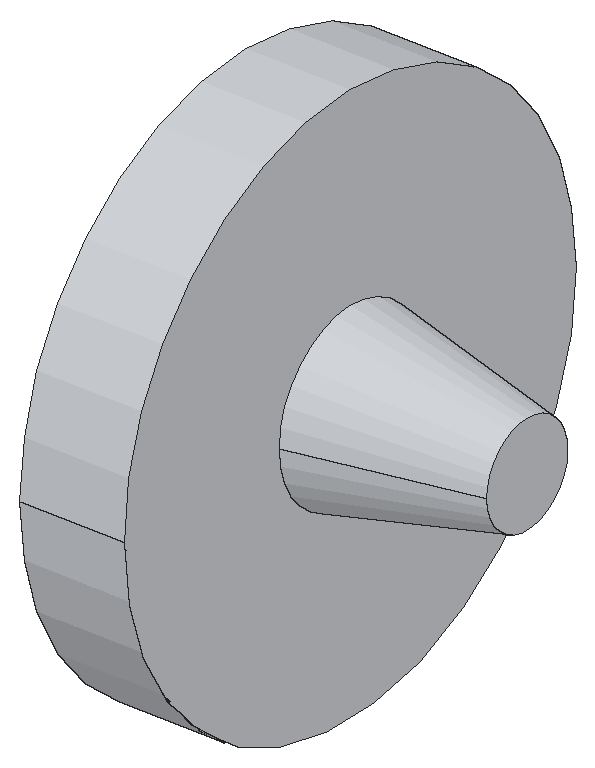
Revit family "98060768e0a048f78d692b07e35d434c", category Pipe Fittings, Revit 2021
Family settings
  Round Connector Dimension = Use Radius
  Part Type = Flange
  OmniClass Number = 23.60.30.11.14
  OmniClass Title = Pipework Fittings
  Seek Item ID = Flange - Weld Neck - Steel - Class 1500-0000-USA-ENU
  Work Plane-Based = No
  Always vertical = Yes
  Cut with Voids When Loaded = No
  Shared = No
Parameters (values of type "Standard")
  Tick Size [instance] = Flange Outside Diameter * 0.4  # 1.88976"
  Raised Face Thickness [instance] = 1/4"  # constant formula
  Raised Face Radius [instance] = Raised Face Diameter / 2  # 0.68701"
  Raised Face Diameter [instance] = size_lookup(Lookup Table Name, "RFD", 1.11 * Nominal Diameter + 1 47/128", Nominal Diameter)  # 1.37402"
  Nominal Radius [instance] = 1/4"
  Nominal Diameter [instance] = Nominal Radius * 2  # 1/2"
  Loss Method = Not Defined
  Lookup Table Name = "Flange - Weld Neck - Steel - Class 1500"
  Length Through Hub [instance] = size_lookup(Lookup Table Name, "LTH", 0.6 * Nominal Diameter + 2 185/256", Nominal Diameter)  # 2.3622"
  Hub Radius [instance] = Hub Diameter / 2  # 0.74803"
  Hub Diameter [instance] = size_lookup(Lookup Table Name, "HDia", 1.26 * Nominal Diameter + 1 43/128", Nominal Diameter)  # 1.49606"
  Hub Beginning Radius [instance] = Hub Beginning Diameter / 2  # 0.41929"
  Hub Beginning Diameter [instance] = size_lookup(Lookup Table Name, "HBD", 1 * Nominal Diameter + 29/64", Nominal Diameter)  # 0.83858"
  Flange Thickness [instance] = size_lookup(Lookup Table Name, "FThk", 0.31 * Nominal Diameter + 239/256", Nominal Diameter)  # 0.87795"
  Flange Outside Radius [instance] = Flange Outside Diameter / 2  # 2.3622"
  Flange Outside Diameter [instance] = size_lookup(Lookup Table Name, "FOD", 1.77 * Nominal Diameter + 4 23/32", Nominal Diameter)  # 4.72441"
  Default Elevation = 0' - 0"
Reference planes (in)
  plane 1 "Center (Front/Back)": y = 0
  plane 2: z = 0
  plane 3 "Center (Left/Right)": x = 0
  plane 4: x = 0.25
  plane 5: x = 1.12795
  plane 6: x = 2.6122
  plane 7: y = 1.88976
  plane 8: y = -1.88976
Forms (in)
  Sweep 1, solid, detail levels fine
    path in 3D
      loop
        line (0, 0, 0) -> (0.25, 0, 0)
    profile origin (0.125, 0, 0) x (0, 1, 0) y (0, 0, 1)
      loop
        circle (0, 0) r 0.68701
  Sweep 2, solid, detail levels fine
    path in 3D
      loop
        line (0.25, 0, 0) -> (1.12795, 0, 0)
    profile origin (0.68898, 0, 0) x (0, 1, 0) y (0, 0, 1)
      loop
        circle (0, 0) r 2.3622
  SweptBlend 3, solid, detail levels fine
    path in 3D
      loop
        line (1.12795, 0, 0) -> (2.6122, 0, 0)
    profile origin (1.12795, 0, 0) x (0, 1, 0) y (0, 0, 1)
      loop
        circle (0, 0) r 0.74803
    end profile origin (2.6122, 0, 0) x (0, 1, 0) y (0, 0, 1)
      loop
        circle (0, 0) r 0.41929
Cuts and joins
  joined: Sweep 1, Sweep 2, SweptBlend 3
Lines and regions (in)
  model lines, detail levels coarse+medium
    curve 1: line (0, 0, 0) -> (0.25, 0, 0)
    curve 2: line (0.25, 0, 0) -> (1.12795, 0, 0)
    curve 3: line (1.12795, 0, 0) -> (2.6122, 0, 0)
    curve 6: line (1.12795, 1.88976, 0) -> (1.12795, -1.88976, 0)
  sketch lines
    curve 4: line (0, 0, 0) -> (0.25, 0, 0)
    curve 5: line (0.25, 0, 0) -> (1.12795, 0, 0)
    curve 7: line (1.12795, 0, 0) -> (2.6122, 0, 0)
Dimensions and locks (in)
  "Raised Face Thickness": plane 3 "Center (Left/Right)" to plane 4
  "Flange Thickness": plane 4 to plane 5
  "Length Through Hub": plane 4 to plane 6
  equal spacing: plane 7, plane 1 "Center (Front/Back)", plane 8
  "Tick Size": plane 7 to plane 1 "Center (Front/Back)"
  "Raised Face Radius": radius of Sweep 1 sketch curve
  "Flange Outside Radius": radius of Sweep 2 sketch curve
  "Hub Radius": radius of SweptBlend 3 sketch curve
  "Hub Beginning Radius": radius of SweptBlend 3 sketch curve
  aligned and locked: plane 3 "Center (Left/Right)" to curve 1
  aligned and locked: plane 4 to curve 1
  aligned and locked: plane 1 "Center (Front/Back)" to curve 1
  aligned and locked: plane 1 "Center (Front/Back)" to curve 2
  aligned and locked: plane 5 to curve 3
  aligned and locked: plane 6 to curve 3
  aligned and locked: plane 1 "Center (Front/Back)" to curve 3
  aligned and locked: plane 7 to curve 6
  aligned and locked: plane 8 to curve 6
  aligned and locked: curve 6 to plane 5
  aligned and locked: plane 1 "Center (Front/Back)" to SweptBlend 3 sketch curve  (x2)
  aligned and locked: plane 2 to SweptBlend 3 sketch curve  (x2)
Automatic sketch dimensions
  Sweep 1 sketch curve to profile plane = 0' - 0"  (x2)
  Sweep 2 sketch curve to profile plane = 0' - 0"  (x2)
Connectors (in)
  piping at (0, 0, 0), diameter 0.5, driven by "Nominal Radius"
    settings: on cut or joined group of Sweep 1, Sweep 2, SweptBlend 3, index 1, connector inside diameter 1/2", connector length 0' - 0", flow factor 0, pipe flow 0 GPM, pressure drop 0.00 psi, fitting loss kfactor 0, connector angle 0.00°, fixture units 0, engagement length 0' - 0", angle of deflection 0.00°, flow configuration 0, flow direction 0, fitting loss method 0, system type 28, joint type 0, gender type 0, connector reference index 2, connector utility 0, adjustable connector no, is connector primary yes, connector description ""
  piping at (2.6122, 0, 0), diameter 0.5, driven by "Nominal Radius"
    settings: on cut or joined group of Sweep 1, Sweep 2, SweptBlend 3, index 2, connector inside diameter 1/2", connector length 0' - 0", flow factor 0, pipe flow 0 GPM, pressure drop 0.00 psi, fitting loss kfactor 0, connector angle 0.00°, fixture units 0, engagement length 0' - 0", angle of deflection 0.00°, flow configuration 0, flow direction 0, fitting loss method 0, system type 28, joint type 0, gender type 0, connector reference index 1, connector utility 0, adjustable connector no, is connector primary no, connector description ""
